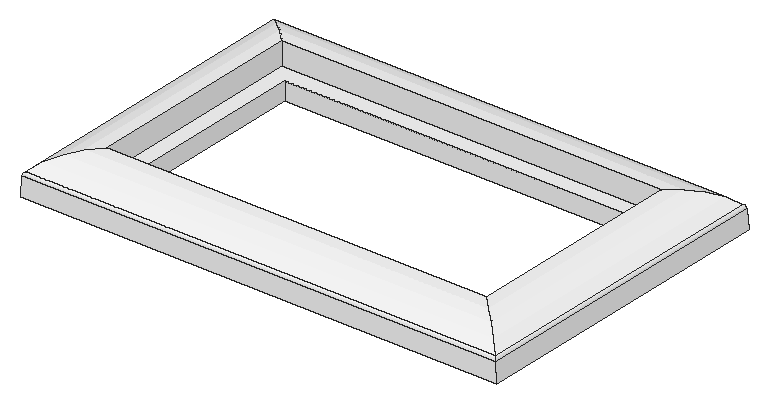
Revit family "Gira_100103", category Electrical Fixtures, host Face, Revit 2017
Family settings
  Host = Face
  Maintain Annotation Orientation = No
  Round Connector Dimension = Use Diameter
  Part Type = Normal
  Cut with Voids When Loaded = No
  Shared = No
  Room Calculation Point = No
Parameters (values of type "Abdeckrahmen 1,5f Standard 55 Reinweiß")
  Werkstoffgüte = "Thermoplast"
  Werkstoff = "Kunststoff"
  URL = "http://katalog.gira.de/de_DE/datenblatt.html?artikelnr=100103"
  Transparent = "No"
  Textfeld/Beschriftungsfläche = "No"
  Schutzart (IP) = "IP20"
  Region = "DE"
  RAL-Nummer (ähnlich) = "9010 "
  Oberfläche = "sonstige"
  Name = "Abdeckrahmen 1,5f Standard 55 Reinweiß"
  Montagerichtung = "horizontal und vertikal"
  Mit Montagerahmen = "No"
  Mit Klappdeckel = "No"
  Manufacturer URL = "https://www.gira.de/"
  Keynote = "Std55_Rahmen_1,5fach"
  HeinzeBIM = "https://bimportal.heinze.de/bim/abdeckrahmen-1-5f-standard-55-reinweiss/079a29f95bceb96c85ab81afbf6625ff480c6258"
  Halogenfrei = "Yes"
  HAN = "100103"
  Geeignet für Unterputz-Installation = "Yes"
  Geeignet für Unterflurkanaldose = "No"
  Geeignet für Geräteeinbaukanal = "No"
  Geeignet für Einbauinstallation = "No"
  GTIN = "4010337881308"
  Farbe = "weiß"
  Default Elevation = 1219.2 mm
  Data sheet (1) = "https://katalog.gira.de/de_DE/download.html?artikelnr=100103"
  Category = "Abdeckrahmen"
  Befestigungsart = "Klemmbefestigung"
  Available = "Yes"
  Ausführung der Oberfläche = "glänzend"
  Anzahl der Einheiten vertikal = "1,5 "
  Anzahl der Einheiten horizontal = "1,5 "
  Anzahl der Einheiten = "1 "
Reference planes
  plane 1 "Center (Front/Back)": y = 0
  plane 2: z = 0
  plane 3 "Center (Left/Right)": x = 0
  plane 4: x = -60.5
  plane 5: x = 60.5
  plane 6: y = -40
  plane 7: y = 40
Forms (mm)
  Sweep 1, solid, material "White", detail levels fine
    path origin (0, 0, 0) x (1, 0, 0) y (0, 1, 0)
      loop
        line (60.5, 40) -> (-60.5, 40) -> (-60.5, -40) -> (60.5, -40) -> (60.5, 40)
    profile origin (0, 40, 0) x (0, -1, 0) y (0, 0, 1)
      loop
        arc (12.278, 10.074) -> (6.073, 9.052) -> (0.724, 5.745) r 16.207
        arc (0.724, 5.745) -> (0.387, 5.281) -> (0.248, 4.725) r 1.5
        line (0.248, 4.725) -> (0, 0) -> (16.627, 0) -> (16.627, 4.5) -> (12.327, 4.5) -> (12.278, 10.074)
  Extrusion 2, solid, material "White", detail levels coarse+medium
    sketch origin (0, 0, 0) x (1, 0, 0) y (0, 1, 0)
      loop
        line (-60.5, 40) -> (-60.5, -40) -> (60.5, -40) -> (60.5, 40) -> (-60.5, 40)
    from 0 to 10.074
Dimensions and locks
  aligned and locked: plane 2 to host face
  aligned and locked: level to host face
